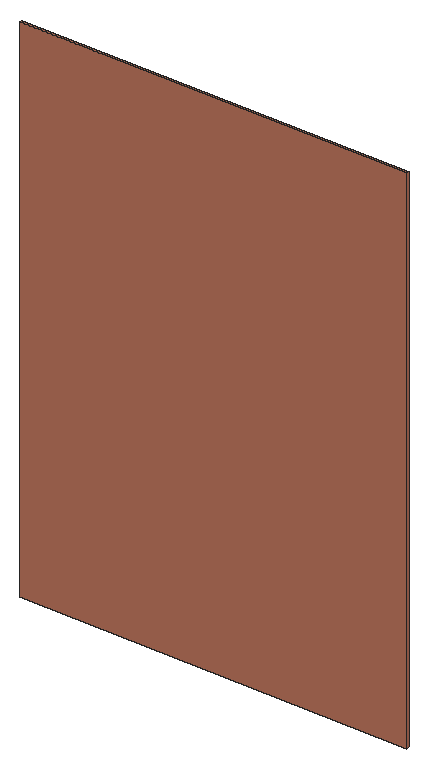
Revit family "FaEl_Compact_Interior", category Fassadenelemente, Revit 2019
Family settings
  OmniClass-Nummer = 23.25.00.00
  OmniClass-Titel = Structural and Space Division Products
  Immer vertikal = Ja
  Beim Laden mit Abzugskörper schneiden = Nein
  Gemeinsam genutzt = Nein
Parameters (values of type "4100x1854x0020")
  Water_Vapour_Diffusion_Resistance = "17.200 μ"
  Warranty_Start_Date [instance] = "1900-12-31T23:59:59"
  Warranty_Guarantor_Labor = "n/a"
  Warranty_Duration_Unit = "year"
  Warranty_Duration_Labor = "n/a"
  Warranty_Description = "n/a"
  Version = "3"
  Versatz_positive [instance] = if(Panel_Offset_from_Wall > 0 mm, Panel_Offset_from_Wall, 0 mm)  # 0 mm
  Versatz_negative [instance] = if(Panel_Offset_from_Wall < 0 mm, abs(Panel_Offset_from_Wall), 0 mm)  # 0 mm
  Tolerances = "0,2mm"
  Thickness_Options = "2-20mm"
  Thermal_Expansion_Coefficient = "18x10^-6 1/K"
  Thermal_Conductivity = "0.3 W/mK"
  Tensile_Strength = "≥ 80 MPa"
  Tag_Number [instance] = "n/a"
  Sustainability_Performance = "n/a"
  SurfaceSpreadOfFlame = "n/a"
  Surface = "NT"
  Specials = "n/a"
  Size = "4100x1854x0020"
  Shape = "Rectangle"
  Serial_Number [instance] = "n/a"
  Revision = "n/a"
  ReplacementCost = "n/a"
  Reference = "n/a"
  Product_Information = "https://www.ribaproductselector.com/Docs/0/27580/external/COL394192.pdf"
  Panel_Thickness = 20 mm
  Panel_Size_Width = "1854"
  Panel_Size_Length = "4100"
  Panel_Offset_from_Wall [instance] = 0 mm
  Panel_Material = FunderMax_Compact_Resistance
  Modulus_Of-Elasticity = "≥ 9.0 MPa"
  Model_Number = "n/a"
  Manufacturer_URL = "http://www.fundermax.at/interior/max-compactplatten/detail/max-compact-interior.html"
  Manufacturer_Name = "FunderMax GmbH"
  IsExternal = yes
  Installation_Date [instance] = "1900-12-31T23:59:59"
  IfcExportType = "NOTDEFINED"
  IfcExportAs = "IfcCoveringType"
  Grade = "To BS EN 438-6, Type EDF"
  FragilityRating = "n/a"
  Flexural_Strength = "≥ 90 MPa"
  FlammabilityRating = "n/a"
  FireRating = "Euroclass B-s2, d0"
  Finish_Options = "Slabs, triangle, cone, bowl, wave small grey, wave gold large, naturell, letter, bubble, knitter"
  Features = "Graffitti-resistant, weather-resistant, flame-retardant core, lightfast, double-hardened, scratch and solvent resistant, easy to clean, custom shapes also available"
  Expected_Life = "n/a"
  Edges = "n/a"
  Duration_Unit = "year"
  Curtain_Wall_Mark [instance] = ""
  Core = "Black core"
  Constituents = "n/a"
  Combustible = no
  Color = "n/a"
  Code_Performance = "n/a"
  Certification = "CE- marked, BBA 12/4937"
  Bar_Code [instance] = ""
  Asset_Identifier [instance] = ""
  AssetType = "Fixed"
  Apparent_Density = "1.35 g/cm³"
  Analytische Konstruktion = "<Keine Auswahl>"
  AcousticRating = "n/a"
  Accessibility_Performance = "n/a"
Types (15, lengths in mm): name | Thickness_Options | Size | Panel_Thickness | Panel_Size_Width | Panel_Size_Length
  2140x1060x0010 | "2-20mm" | "2140x1060x0010" | 10 | "1060" | "2140"
  2140x1060x0002 | "2-20mm" | "2140x1060x0002" | 2 | "1060" | "2140"
  2140x1600x0020 | "2-20mm" | "2140x1060x0020" | 20 | "1060" | "2140"
  2800x1300x0002 | "2-20mm" | "2800x1300x0002" | 2 | "1300" | "2800"
  2800x1300x0010 | "2-20mm" | "2800x1300x0010" | 10 | "1300" | "2800"
  2800x1300x0020 | "2-20mm" | "2800x1300x0020" | 20 | "1300" | "2800"
  2800x1854x0002 | "2-15mm" | "2800x1854x0002" | 2 | "1854" | "2800"
  2800x1854x0010 | "2-15mm" | "2800x1854x0010" | 10 | "1854" | "2800"
  2800x1854x0015 | "2-15mm" | "2800x1854x0015" | 15 | "1854" | "2800"
  4100x1300x0002 | "2-20mm" | "4100x1300x0002" | 2 | "13000" | "4100"
  4100x1300x0010 | "2-20mm" | "4100x1300x0010" | 10 | "13000" | "4100"
  4100x1300x0020 | "2-20mm" | "4100x1300x0020" | 20 | "13000" | "4100"
  4100x1854x0002 | "2-20mm" | "4100x1854x0002" | 2 | "1854" | "4100"
  4100x1854x0010 | "2-20mm" | "4100x1854x0010" | 10 | "1854" | "4100"
  4100x1854x0020 | "2-20mm" | "4100x1854x0020" | 20 | "1854" | "4100"
Reference planes
  plane 1 "Mitte (Vorne/hinten)": y = 0
  plane 2: z = 0
  plane 3 "Mitte (Links/rechts)": x = 0
  plane 4 "Links": x = -1500
  plane 5 "Rechts": x = 1500
  plane 6 "Oberkante": z = 4000
  plane 7: z = 4000
  plane 8: x = 1500
  plane 9: z = 0
  plane 10: x = -1500
  plane 11: y = 0
  plane 12: y = 0
  plane 13: y = 10
  plane 14: y = -10
Forms (mm)
  Extrusion 1, solid, material "FunderMax_Compact_Resistance" <- "Panel_Material"
    sketch origin (0, 0, 0) x (1, 0, 0) y (0, 0, 1)
      loop
        line (1500, 4000) -> (-1500, 4000) -> (-1500, 0) -> (1500, 0) -> (1500, 4000)
    from -10 to 10
Text (mm)
  text "Aussenseite" at (183.798, 300.536, 0), in view "Referenzebene"
  text "Exterior" at (0, 991.218, 3852.818), in view "Links"
  text "Exterior" at (0, 1328.187, 4120.349), in view "Rechts"
  text "Hinweis:\nÄndern Sie die Familienkategorie, um Fassadenfenster oder -türen zu definieren\n\nLöschen Sie diesen Hinweis, bevor Sie die Familie verwenden." at (1592.819, 360.786, 0), in view "Referenzebene"
Dimensions and locks
  equal spacing: plane 4 "Links", plane 3 "Mitte (Links/rechts)", plane 5 "Rechts"
  plane 7 to plane 6 "Oberkante" = 0 mm
  plane 2 to plane 9 = 0 mm
  plane 8 to plane 5 "Rechts" = 0 mm
  plane 4 "Links" to plane 10 = 0 mm
  "Versatz_positive": plane 1 "Mitte (Vorne/hinten)" to plane 11
  "Versatz_negative": plane 11 to plane 12
  equal spacing: plane 13, plane 12, plane 14
  "Panel_Thickness": plane 13 to plane 14
  aligned and locked: level to plane 2
  aligned and locked: Extrusion 1 sketch curve to plane 7
  aligned and locked: Extrusion 1 sketch curve to plane 8
  aligned and locked: Extrusion 1 sketch curve to plane 9
  aligned and locked: plane 10 to Extrusion 1 sketch curve
  aligned and locked: Extrusion 1 to plane 14
  aligned and locked: plane 13 to Extrusion 1
